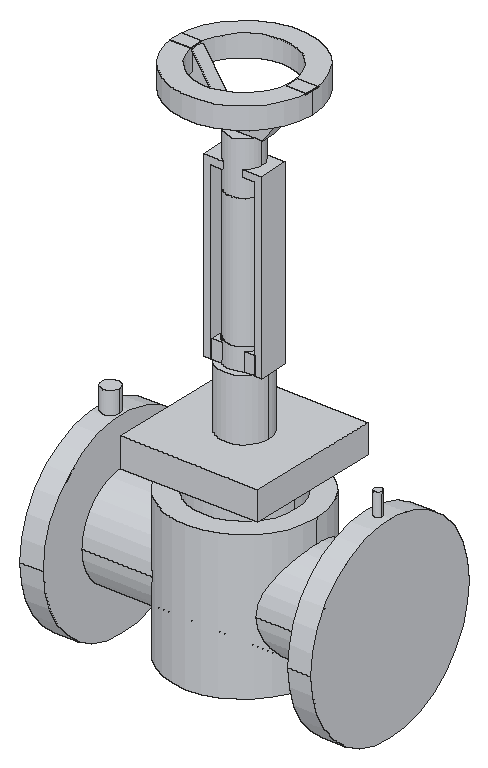
Revit family "Sigma_Compact_DN125-LF_PN16_RFA_2018", category Pipe Accessories, Revit 2018
Family settings
  Round Connector Dimension = Use Diameter
  Part Type = Valve - Breaks Into
  Work Plane-Based = No
  Always vertical = Yes
  Cut with Voids When Loaded = No
  Shared = No
Parameters (values of type "Sigma Compact DN 125 LF PN16")
  magiProductId = "72414964175c4f3999d5daaa67221e"
  magiProductFamilyId = "111bdfd32e424cd9a1e5f1ca7ea2b6"
  magiPartTypeId = 304
  isMeasuringValve [instance] = no
  ang2D [instance] = 0.00°
  W2D = 50 mm
  VersionID = "2.0/2018.12.13.2/FRESE_SIGMA_C_BIG_Q13_001"
  Use Minimum Symbol Size [instance] = no
  URL = "www.hydronix.cz"
  Type Comments = "přírubový; PN16; max dp=800kPa; 0~+120°C; max uzavírací tlak 1MPa"
  R4 = 70 mm
  R3 = 70.2 mm
  R1 = 100 mm
  QmdConnectorList = "301;D;302;D"
  Productdata [instance] = ""
  Manufacturer = "Hydronix"
  Maintenance Zone Under Depth [instance] = 100 mm
  Maintenance Zone Right Depth [instance] = 100 mm
  Maintenance Zone Over Depth [instance] = 100 mm
  Maintenance Zone Left Depth [instance] = 100 mm
  Maintenance Zone Front Depth [instance] = 100 mm
  Maintenance Zone Back Depth [instance] = 100 mm
  Maintenance Zone Front Visibility [instance] = no
  MC Use Limits From Balancing Method = no
  MC Throttling Minimum Value = 0
  MC Throttling Maximum Value = 0
  MC Product Code = "53-2404 DN125; PN16; (18500-110000 l/h); kvs=186"
  MC Pressure Drop Minimum Value = 0.0 Pa
  MC Pressure Drop Maximum Value = 0.0 Pa
  MC Piping Given Pressure Drop [instance] = 0.0 Pa
  LF__ve = -LF  # -32 mm
  LF2 = 16 mm
  LF = 32 mm
  L432 = 32.9 mm
  L43 = 65.8 mm
  L42 = 94 mm
  L4 = 188 mm
  L3 = 336 mm
  L2D_Min = 30.48 mm
  L2D = 230 mm
  L2 = 200 mm
  HH12 = 36.5 mm
  HH1 = 73 mm
  HDF__ve = -HDF  # -338 mm
  HDF = 338 mm
  H6 = 85 mm
  H4 = 40.5 mm
  H3 = 33.75 mm
  H2 = 101.25 mm
  H11 = 202.5 mm
  H1 = 761 mm
  H = 608 mm
  Description = "Automatický vyvažovací ventil"
  DF2 = 135 mm
  D = 125 mm
  Clearance Zone Height Depth [instance] = 100 mm
  Clearance Zone Circular Radius [instance] = 200 mm
  Clearance Zone Visibility [instance] = no
  CAT0 = yes
Types (9, lengths in mm): name | magiProductId | Type Comments | R4 | R3 | R1 | MC Product Code | LF__ve | LF2 | LF | L432 | L43 | L42 | L4 | L3 | L2 | HH12 | HH1 | HDF__ve | HDF | H4 | H3 | H2 | H11 | H1 | H | DF2 | D | Clearance Zone Circular Radius
  Sigma Compact DN 050 LF PN16 | "7ce002c265594233b83d195dc264f1" | "přírubový; PN16; max dp=800kPa; 0~+120°C; max uzavírací tlak 1MPa" | 40.25 | 42.9 | 57.5 | "53-2400 DN50; PN16; (2480-15000 l/h); kvs=34" | -18.4 | 9.2 | 18.4 | 18.917 | 37.835 | 54.05 | 108.1 | 193.2 | 115 | 16.5 | 33 | -202 | 202 | 24.75 | 20.625 | 61.875 | 123.75 | 480 | 367 | 82.5 | 50 | 115
  Sigma Compact DN 065 LF PN16 | "7b440009bc83499eb1c9a6fd3b4fee" | "přírubový; PN16; max dp=800kPa; 0~+120°C; max uzavírací tlak 1MPa" | 50.75 | 48.1 | 72.5 | "53-2401 DN65; PN16; (4380-25000 l/h); kvs=50" | -23.2 | 11.6 | 23.2 | 23.853 | 47.705 | 68.15 | 136.3 | 243.6 | 145 | 16.5 | 33 | -199 | 199 | 27.75 | 23.125 | 69.375 | 138.75 | 497 | 384 | 92.5 | 65 | 145
  Sigma Compact DN 080 LF PN16 | "c04670cd33374e61a046fccc79a79b" | "přírubový; PN16; max dp=800kPa; 0~+120°C; max uzavírací tlak 1MPa" | 54.25 | 52 | 77.5 | "53-2402 DN80; PN16; (5340-34000 l/h); kvs=68" | -24.8 | 12.4 | 24.8 | 25.497 | 50.995 | 72.85 | 145.7 | 260.4 | 155 | 16.5 | 33 | -213 | 213 | 30 | 25 | 75 | 150 | 526 | 413 | 100 | 80 | 155
  Sigma Compact DN 100 LF PN16 | "e9669c3b3cb042d39f52f9a3f8394b" | "přírubový; PN16; max dp=800kPa; 0~+120°C; max uzavírací tlak 1MPa" | 61.25 | 61.1 | 87.5 | "53-2403 DN100; PN16; (12100-68000 l/h); kvs=115" | -28 | 14 | 28 | 28.788 | 57.575 | 82.25 | 164.5 | 294 | 175 | 34 | 68 | -331 | 331 | 35.25 | 29.375 | 88.125 | 176.25 | 714 | 566 | 117.5 | 100 | 175
  Sigma Compact DN 125 LF PN16 | "72414964175c4f3999d5daaa67221e" | "přírubový; PN16; max dp=800kPa; 0~+120°C; max uzavírací tlak 1MPa" | 70 | 70.2 | 100 | "53-2404 DN125; PN16; (18500-110000 l/h); kvs=186" | -32 | 16 | 32 | 32.9 | 65.8 | 94 | 188 | 336 | 200 | 36.5 | 73 | -338 | 338 | 40.5 | 33.75 | 101.25 | 202.5 | 761 | 608 | 135 | 125 | 200
  Sigma Compact DN 150 LF PN16 | "cb5ac98de80a46389b4a96eb8539c2" | "přírubový; PN16; max dp=800kPa; 0~+110°C; max uzavírací tlak 1MPa" | 84 | 74.1 | 120 | "53-2405 DN150; PN16; (25600-148000 l/h); kvs=250" | -38.4 | 19.2 | 38.4 | 39.48 | 78.96 | 112.8 | 225.6 | 403.2 | 240 | 13 | 26 | -391 | 391 | 42.75 | 35.625 | 106.875 | 213.75 | 782 | 676 | 142.5 | 150 | 240
  Sigma Compact DN 200 LF PN16 | "bd9983fcf82240be8b5626661ef83b" | "přírubový; PN16; max dp=800kPa; 0~+110°C; max uzavírací tlak 1MPa" | 105 | 98.8 | 150 | "53-2406 DN200; PN16; (95000-210000 l/h); kvs=371" | -48 | 24 | 48 | 49.35 | 98.7 | 141 | 282 | 504 | 300 | 29.5 | 59 | -334 | 334 | 57 | 47.5 | 142.5 | 285 | 853 | 714 | 190 | 200 | 300
  Sigma Compact DN 250 LF PN16 | "6516628c9ce0481f89e5702e575104" | "přírubový; PN16; max dp=800kPa; 0~+110°C; max uzavírací tlak 1MPa" | 127.75 | 115.44 | 182.5 | "53-2407 DN250; PN16; (190000-475000 l/h); kvs=803" | -58.4 | 29.2 | 58.4 | 60.042 | 120.085 | 171.55 | 343.1 | 613.2 | 365 | 29 | 58 | -462 | 462 | 66.6 | 55.5 | 166.5 | 333 | 1044 | 906 | 222 | 250 | 365
  Sigma Compact DN 300 LF PN16 | "f16ecb3a8ad443e99405ecd1e4779a" | "přírubový; PN16; max dp=800kPa; 0~+110°C; max uzavírací tlak 1MPa" | 148.75 | 135.2 | 212.5 | "53-2408 DN300; PN16; (190000-475000 l/h); kvs=803" | -68 | 34 | 68 | 69.912 | 139.825 | 199.75 | 399.5 | 714 | 425 | 29 | 58 | -424 | 424 | 78 | 65 | 195 | 390 | 1082 | 944 | 260 | 300 | 425
Reference planes
  plane 1 "Center (Front/Back)": y = 0
  plane 2 "XYPLANE": z = 0
  plane 3 "Center (Left/Right)": x = 0
  plane 4 "298": y = -235
  plane 5 "297": y = 235
  plane 6 "296": y = -135
  plane 7 "295": y = 135
  plane 8 "294": z = -235
  plane 9 "293": z = 726
  plane 10 "292": x = -300
  plane 11 "291": x = 300
  plane 12 "290": z = 726
  plane 13 "256": y = -20
  plane 14 "254": z = 499.5
  plane 15 "253": z = 509.5
  plane 16 "252": x = -40
  plane 17 "251": x = -30
  plane 18 "250": x = 40
  plane 19 "249": x = 30
  plane 20 "247": z = 260.5
  plane 21 "244": z = 473
  plane 22 "243": x = 94
  plane 23 "242": x = 65.8
  plane 24 "241": x = 32.9
  plane 25 "240": y = -10
  plane 26 "238": x = -32.9
  plane 27 "237": x = -65.8
  plane 28 "236": z = 546
  plane 29 "235": z = 576
  plane 30 "234": x = -94
  plane 31 "225": z = 626
  plane 32 "224": z = -135
  plane 33 "157": x = 184
  plane 34 "156": x = -184
  plane 35 "155": z = 135
  plane 36 "154": z = 175.5
  plane 37 "153": z = 135
  plane 38 "152": z = 101.25
  plane 39 "151": x = -168
  plane 40 "150": z = -101.25
  plane 41 "149": x = 0
  plane 42 "148": y = 0
  plane 43 "147": z = 0
  plane 44 "146": x = -200
  plane 45 "145": x = 200
Forms (mm)
  Blend 1, solid, visible <- "Maintenance Zone Front Visibility"
    base sketch origin (-750, 0, 726) x (1, 0, 0) y (0, 1, 0)
      loop
        line (450, 235) -> (450, -235) -> (1050, -235) -> (1050, 235) -> (450, 235)
    top sketch origin (-750, 0, 726) x (1, 0, 0) y (0, 1, 0)
      loop
        line (450, 235) -> (450, -235) -> (1050, -235) -> (1050, 235) -> (450, 235)
    from 0 to -961
  Blend 2, solid, visible <- "Clearance Zone Visibility"
    base sketch origin (-750, 0, 0) x (1, 0, 0) y (0, 1, 0)
      loop
        circle (750, 0) r 200
    top sketch origin (-750, 0, 0) x (1, 0, 0) y (0, 1, 0)
      loop
        circle (750, 0) r 200
    from 0 to 726
  Extrusion 3, solid
    sketch origin (-750, 0, 473) x (1, 0, 0) y (0, 1, 0)
      loop
        circle (750, 0) r 23.982
    from 0 to -338 <- "HDF__ve"
  Extrusion 4, solid
    sketch origin (-750, 0, 260.5) x (1, 0, 0) y (0, 1, 0)
      loop
        line (780, 20) -> (720, 20) -> (720, -20) -> (780, -20) -> (780, 20)
    from 0 to 25
  Extrusion 5, solid
    sketch origin (750, -20, 0) x (-1, 0, 0) y (0, 0, 1)
      loop
        line (790, 260.5) -> (790, 509.5) -> (710, 509.5) -> (710, 260.5) -> (720, 260.5) -> (720, 499.5) -> (780, 499.5) -> (780, 260.5) -> (790, 260.5)
    from 0 to 40
  Extrusion 6, solid
    sketch origin (-750, 0, 260.5) x (1, 0, 0) y (0, 1, 0)
      loop
        circle (750, 0) r 25
    from 0 to 30
  Extrusion 7, solid
    sketch origin (750, -10, 0) x (-1, 0, 0) y (0, 0, 1)
      loop
        line (815.8, 626) -> (782.9, 576) -> (750, 576) -> (750, 546) -> (782.9, 546) -> (844, 626) -> (815.8, 626)
    from 0 to 20
  Extrusion 8, solid
    sketch origin (750, -10, 0) x (-1, 0, 0) y (0, 0, 1)
      loop
        line (684.2, 626) -> (656, 626) -> (717.1, 546) -> (750, 546) -> (750, 576) -> (717.1, 576) -> (684.2, 626)
    from 0 to 20
  Extrusion 9, solid
    sketch origin (-750, 0, 473) x (1, 0, 0) y (0, 1, 0)
      loop
        circle (750, 0) r 23.982
    from 0 to 73 <- "HH1"
  Extrusion 10, solid
    sketch origin (-750, 0, 626) x (1, 0, 0) y (0, 1, 0)
      loop
        circle (750, 0) r 94
      loop
        circle (750, 0) r 65.8
    from 0 to -30
  Extrusion 11, solid, visible <- "CAT0"
    sketch origin (-750, 0, 135) x (1, 0, 0) y (0, 1, 0)
      loop
        circle (934, 0) r 5.5
    from 0 to 30
  Extrusion 12, solid, visible <- "CAT0"
    sketch origin (-750, 0, 135) x (1, 0, 0) y (0, 1, 0)
      loop
        circle (566, 0) r 12.3
    from 0 to 30
  Extrusion 13, solid, visible <- "CAT0"
    sketch origin (-750, 0, 175.5) x (1, 0, 0) y (0, 1, 0)
      loop
        circle (750, 0) r 33.982
    from 0 to 85 <- "H6"
  Extrusion 14, solid, visible <- "CAT0"
    sketch origin (-750, 0, 135) x (1, 0, 0) y (0, 1, 0)
      loop
        line (844, 94) -> (656, 94) -> (656, -94) -> (844, -94) -> (844, 94)
    from 0 to 40.5 <- "H4"
  Extrusion 15, solid, visible <- "CAT0"
    sketch origin (-750, 0, 101.25) x (1, 0, 0) y (0, 1, 0)
      loop
        circle (750, 0) r 70
    from 0 to 33.75 <- "H3"
  Extrusion 16, solid, visible <- "CAT0"
    sketch origin (-168, -750, 0) x (0, 1, 0) y (0, 0, 1)
      loop
        circle (750, 0) r 70.2
    from 0 to 336 <- "L3"
  Extrusion 17, solid, visible <- "CAT0"
    sketch origin (-750, 0, -101.25) x (1, 0, 0) y (0, 1, 0)
      loop
        circle (750, 0) r 100
    from 0 to 202.5 <- "H11"
  Extrusion 18, solid, visible <- "CAT0"
    sketch origin (-200, -750, 0) x (0, 1, 0) y (0, 0, 1)
      loop
        circle (750, 0) r 135
    from 0 to 32 <- "LF"
  Extrusion 19, solid, visible <- "CAT0"
    sketch origin (200, -750, 0) x (0, 1, 0) y (0, 0, 1)
      loop
        circle (750, 0) r 135
    from 0 to -32 <- "LF__ve"
  Extrusion 20, solid, not visible
    sketch origin (-200, -750, 0) x (0, 1, 0) y (0, 0, 1)
      loop
        circle (750, 0) r 10
    from 0 to 10
  Extrusion 21, solid, not visible
    sketch origin (200, -750, 0) x (0, 1, 0) y (0, 0, 1)
      loop
        circle (750, 0) r 10
    from 0 to -10
Lines and regions (mm)
  reference lines, not visible
    curve 1: circle (2, 2, 0) r 1 normal (0, 0, 1)
  reference lines
    curve 2: circle (0, 0, 135) r 1 normal (0, 0, 1)
Dimensions and locks
  plane 1 "Center (Front/Back)" to curve 1 = 2 mm
  "Maintenance Zone Front Depth": plane 6 "296" to plane 4 "298"
  "Maintenance Zone Back Depth": plane 7 "295" to plane 5 "297"
  "DF2": plane 42 "148" to plane 6 "296"
  "DF2": plane 42 "148" to plane 7 "295"
  "Maintenance Zone Under Depth": plane 32 "224" to plane 8 "294"
  "Maintenance Zone Over Depth": plane 31 "225" to plane 9 "293"
  "Maintenance Zone Left Depth": plane 44 "146" to plane 10 "292"
  "Maintenance Zone Right Depth": plane 45 "145" to plane 11 "291"
  "Clearance Zone Height Depth": plane 31 "225" to plane 12 "290"
  locked: plane 25 "240" to plane 13 "256" at 10
  locked: plane 15 "253" to plane 14 "254" at 10
  "HH12": plane 21 "244" to plane 15 "253"
  locked: plane 17 "251" to plane 16 "252" at 10
  locked: plane 41 "149" to plane 17 "251" at 30
  locked: plane 19 "249" to plane 18 "250" at 10
  locked: plane 41 "149" to plane 19 "249" at 30
  "H6": plane 36 "154" to plane 20 "247"
  "H": plane 32 "224" to plane 21 "244"
  "L42": plane 41 "149" to plane 22 "243"
  "L43": plane 41 "149" to plane 23 "242"
  "L432": plane 41 "149" to plane 24 "241"
  locked: plane 42 "148" to plane 25 "240" at 10
  "L432": plane 41 "149" to plane 26 "238"
  "L43": plane 41 "149" to plane 27 "237"
  locked: plane 29 "235" to plane 28 "236" at 30
  locked: plane 31 "225" to plane 29 "235" at 50
  "L42": plane 41 "149" to plane 30 "234"
  "H1": plane 32 "224" to plane 31 "225"
  "DF2": plane 2 "XYPLANE" to plane 32 "224"
  "LF2": plane 45 "145" to plane 33 "157"
  "LF2": plane 44 "146" to plane 34 "156"
  "DF2": plane 2 "XYPLANE" to plane 35 "155"
  "H4": plane 37 "153" to plane 36 "154"
  "H3": plane 38 "152" to plane 37 "153"
  "H11": plane 40 "150" to plane 38 "152"
  "LF": plane 44 "146" to plane 39 "151"
  "H2": plane 2 "XYPLANE" to plane 40 "150"
  locked: plane 3 "Center (Left/Right)" to plane 41 "149"
  locked: plane 1 "Center (Front/Back)" to plane 42 "148"
  locked: plane 2 "XYPLANE" to plane 43 "147"
  "L2": plane 3 "Center (Left/Right)" to plane 44 "146"
  "L2": plane 3 "Center (Left/Right)" to plane 45 "145"
  Blend 1 sketch curve to Blend 1 sketch curve = 0 mm  (x16)
  Extrusion 4 sketch curve to Extrusion 4 sketch curve = 0 mm  (x8)
  Extrusion 5 sketch curve to Extrusion 5 sketch curve = 0 mm  (x16)
  Extrusion 7 sketch curve to Extrusion 7 sketch curve = 0 mm  (x12)
  Extrusion 8 sketch curve to Extrusion 8 sketch curve = 0 mm  (x12)
  equal spacing: Extrusion 14 sketch curve, curve 2, Extrusion 14 sketch curve  (x2)
  "L4": Extrusion 14 sketch curve to Extrusion 14 sketch curve  (x2)
  Extrusion 14 sketch curve to Extrusion 14 sketch curve = 0 mm  (x8)
  "Clearance Zone Circular Radius": radius of Blend 2 sketch curve  (x2)
  "L42": radius of Extrusion 10 sketch curve
  "L43": radius of Extrusion 10 sketch curve
  "R4": radius of Extrusion 15 sketch curve
  "R3": radius of Extrusion 16 sketch curve
  "R1": radius of Extrusion 17 sketch curve
  "DF2": radius of Extrusion 18 sketch curve
  "DF2": radius of Extrusion 19 sketch curve
  aligned and locked: level to plane 2 "XYPLANE"
  aligned and locked: Blend 1 sketch curve to plane 5 "297"  (x2)
  aligned and locked: plane 10 "292" to Blend 1 sketch curve  (x4)
  aligned and locked: plane 11 "291" to Blend 1 sketch curve  (x4)
  aligned and locked: plane 5 "297" to Blend 1 sketch curve  (x2)
  aligned and locked: plane 4 "298" to Blend 1 sketch curve  (x4)
  aligned and locked: Blend 1 to plane 8 "294"
  aligned and locked: plane 41 "149" to Blend 2 sketch curve  (x2)
  aligned and locked: plane 42 "148" to Blend 2 sketch curve  (x2)
  aligned and locked: plane 12 "290" to Blend 2
  aligned and locked: plane 41 "149" to Extrusion 3 sketch curve
  aligned and locked: plane 42 "148" to Extrusion 3 sketch curve
  aligned and locked: Extrusion 5 sketch curve to plane 16 "252"
  aligned and locked: plane 20 "247" to Extrusion 5 sketch curve  (x4)
  aligned and locked: plane 15 "253" to Extrusion 5 sketch curve  (x2)
  aligned and locked: plane 16 "252" to Extrusion 5 sketch curve
  aligned and locked: plane 18 "250" to Extrusion 5 sketch curve  (x2)
  aligned and locked: plane 19 "249" to Extrusion 5 sketch curve  (x2)
  aligned and locked: plane 14 "254" to Extrusion 5 sketch curve  (x2)
  aligned and locked: plane 17 "251" to Extrusion 5 sketch curve  (x2)
  aligned and locked: plane 41 "149" to Extrusion 6 sketch curve
  aligned and locked: plane 42 "148" to Extrusion 6 sketch curve
  aligned and locked: plane 27 "237" to Extrusion 7 sketch curve
  aligned and locked: plane 31 "225" to Extrusion 7 sketch curve  (x2)
  aligned and locked: plane 26 "238" to Extrusion 7 sketch curve  (x2)
  aligned and locked: plane 29 "235" to Extrusion 7 sketch curve  (x2)
  aligned and locked: plane 41 "149" to Extrusion 7 sketch curve  (x2)
  aligned and locked: plane 28 "236" to Extrusion 7 sketch curve  (x2)
  aligned and locked: plane 30 "234" to Extrusion 7 sketch curve
  aligned and locked: plane 23 "242" to Extrusion 8 sketch curve
  aligned and locked: plane 31 "225" to Extrusion 8 sketch curve  (x2)
  aligned and locked: plane 24 "241" to Extrusion 8 sketch curve  (x2)
  aligned and locked: plane 29 "235" to Extrusion 8 sketch curve  (x2)
  aligned and locked: plane 41 "149" to Extrusion 8 sketch curve  (x2)
  aligned and locked: plane 28 "236" to Extrusion 8 sketch curve  (x2)
  aligned and locked: plane 22 "243" to Extrusion 8 sketch curve
  aligned and locked: plane 41 "149" to Extrusion 9 sketch curve
  aligned and locked: plane 42 "148" to Extrusion 9 sketch curve
  aligned and locked: plane 41 "149" to Extrusion 10 sketch curve  (x2)
  aligned and locked: plane 42 "148" to Extrusion 10 sketch curve  (x2)
  aligned and locked: plane 33 "157" to Extrusion 11 sketch curve
  aligned and locked: plane 42 "148" to Extrusion 11 sketch curve
  aligned and locked: plane 34 "156" to Extrusion 12 sketch curve
  aligned and locked: plane 42 "148" to Extrusion 12 sketch curve
  aligned and locked: plane 41 "149" to Extrusion 13 sketch curve
  aligned and locked: plane 42 "148" to Extrusion 13 sketch curve
  aligned and locked: plane 41 "149" to curve 2
  aligned and locked: plane 42 "148" to curve 2
  aligned and locked: plane 41 "149" to Extrusion 15 sketch curve
  aligned and locked: plane 42 "148" to Extrusion 15 sketch curve
  aligned and locked: Extrusion 16 sketch curve to plane 42 "148"
  aligned and locked: plane 43 "147" to Extrusion 16 sketch curve
  aligned and locked: plane 41 "149" to Extrusion 17 sketch curve
  aligned and locked: plane 42 "148" to Extrusion 17 sketch curve
  aligned and locked: Extrusion 18 sketch curve to plane 42 "148"
  aligned and locked: plane 43 "147" to Extrusion 18 sketch curve
  aligned and locked: Extrusion 19 sketch curve to plane 42 "148"
  aligned and locked: plane 43 "147" to Extrusion 19 sketch curve
  aligned and locked: Extrusion 20 sketch curve to plane 42 "148"
  aligned and locked: plane 43 "147" to Extrusion 20 sketch curve
  aligned and locked: Extrusion 21 sketch curve to plane 42 "148"
  aligned and locked: plane 43 "147" to Extrusion 21 sketch curve
Automatic sketch dimensions
  plane 26 "238" to Extrusion 3 sketch curve = 8.917 mm
  Extrusion 4 sketch curve to plane 17 "251" = 0 mm
  Extrusion 4 sketch curve to plane 13 "256" = 0 mm
  Extrusion 4 sketch curve to plane 19 "249" = 0 mm
  Extrusion 4 sketch curve to plane 1 "Center (Front/Back)" = 20 mm
  plane 17 "251" to Extrusion 6 sketch curve = 5 mm
  plane 26 "238" to Extrusion 9 sketch curve = 8.917 mm
  Extrusion 11 sketch curve to plane 33 "157" = 5.5 mm
  plane 44 "146" to Extrusion 12 sketch curve = 3.7 mm
  Extrusion 13 sketch curve to plane 26 "238" = 1.083 mm
  Extrusion 20 sketch curve to plane 25 "240" = 0 mm
  Extrusion 21 sketch curve to plane 25 "240" = 0 mm
  plane 3 "Center (Left/Right)" to curve 1 = 2 mm
  Extrusion 14 sketch curve to plane 30 "234" = 0 mm
  plane 6 "296" to Extrusion 14 sketch curve = 41 mm
  radius of curve 2 = 1 mm
  radius of curve 1 = 1 mm
Connectors
  piping at (-200, 0, 0), diameter 125, driven by "D"
    settings: on Extrusion 20, index 1, connector inside diameter 609.6 mm, connector length 0 mm, flow factor 0, pipe flow 0.0 L/s, pressure drop 0.0 Pa, fitting loss kfactor 0, connector angle 0.00°, fixture units 0, engagement length 0 mm, angle of deflection 0.00°, flow configuration 0, flow direction 0, fitting loss method 0, system type 29, joint type 0, gender type 0, connector reference index 2, connector utility 0, adjustable connector no, is connector primary yes, connector description ""
  piping at (200, 0, 0), diameter 125, driven by "D"
    settings: on Extrusion 21, index 2, connector inside diameter 609.6 mm, connector length 0 mm, flow factor 0, pipe flow 0.0 L/s, pressure drop 0.0 Pa, fitting loss kfactor 0, connector angle 0.00°, fixture units 0, engagement length 0 mm, angle of deflection 0.00°, flow configuration 0, flow direction 0, fitting loss method 0, system type 29, joint type 0, gender type 0, connector reference index 1, connector utility 0, adjustable connector no, is connector primary no, connector description ""
